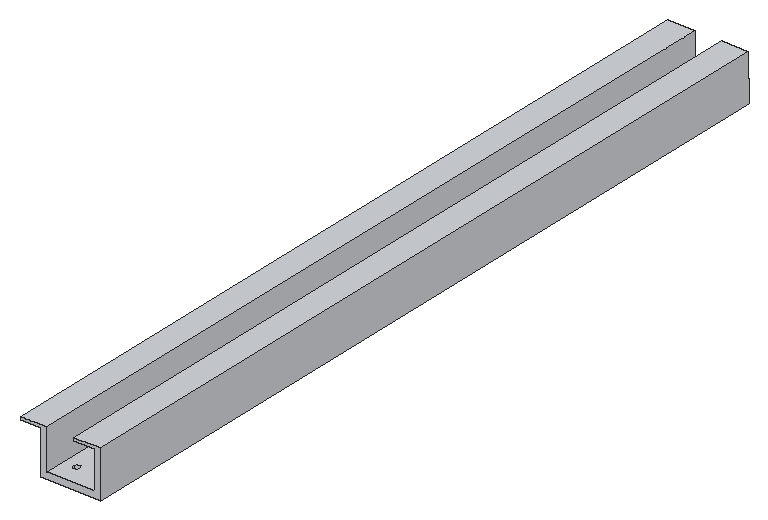
Revit family "GC - Corrente", category Generic Models, host Face, Revit 2018
Family settings
  Host = Face
  Can host rebar = No
  Round Connector Dimension = Use Diameter
  Part Type = Normal
  Cut with Voids When Loaded = No
  Shared = No
  Room Calculation Point = No
Parameters
  Default Elevation = 121.92 cm
  Corrente _ Spessore Piatto = 0.50 cm
  Corrente _ Spessore = 1.00 cm
  Corrente _ Raggio Fori = Corrente _ Diametro Fori / 2  # 0.50 cm
  Corrente _ Lunghezza = 120.00 cm
  Corrente _ Larghezza Piatto = 4.00 cm
  Corrente _ Larghezza = 7.00 cm
  Corrente _ Distanza Piatti = 8.00 cm
  Corrente _ Distanza Fori = 3.00 cm
  Corrente _ Diametro Fori = 1.00 cm
Reference planes (cm)
  plane 1 "Center (Front/Back)": y = 0
  plane 2: z = 0
  plane 3 "Center (Left/Right)": x = 0
  plane 4: z = 7
  plane 5: z = 6.5
  plane 6: x = -1
  plane 7: z = 1
  plane 8: x = -8
  plane 9: x = -9
  plane 10: x = -4
  plane 11: x = -12
  plane 12: y = -120
  plane 13: y = -60
  plane 14: x = -6
  plane 15: y = -57
  plane 16: y = -63
  plane 17: y = -3
  plane 18: y = -117
Forms (cm)
  Extrusion 1, solid
    sketch origin (0, 0, 0) x (1, 0, 0) y (0, 0, 1)
      loop
        line (0, 7) -> (-4, 7) -> (-4, 6.5) -> (-1, 6.5) -> (-1, 1) -> (-8, 1) -> (-8, 7) -> (-12, 7) -> (-12, 6.5) -> (-9, 6.5) -> (-9, 0) -> (0, 0) -> (0, 7)
    from 0 to 120
  Extrusion 2, void
    sketch origin (0, 0, 0) x (1, 0, 0) y (0, 1, 0)
      loop
        circle (-6, -63) r 0.5
      loop
        circle (-6, -117) r 0.5
      loop
        circle (-6, -3) r 0.5
    from -10.4188 to 25
Cuts and joins
  Extrusion 2 cuts Extrusion 1
Dimensions and locks (cm)
  "Corrente _ Spessore Piatto": plane 5 to plane 4
  "Corrente _ Spessore": plane 2 to plane 7
  "Corrente _ Spessore": plane 9 to plane 8
  "Corrente _ Spessore": plane 6 to plane 3 "Center (Left/Right)"
  "Corrente _ Larghezza Piatto": plane 3 "Center (Left/Right)" to plane 10
  "Corrente _ Larghezza Piatto": plane 11 to plane 8
  "Corrente _ Larghezza": plane 2 to plane 4
  "Corrente _ Distanza Piatti": plane 3 "Center (Left/Right)" to plane 8
  "Corrente _ Lunghezza": plane 1 "Center (Front/Back)" to plane 12
  equal spacing: plane 12, plane 13, plane 1 "Center (Front/Back)"
  equal spacing: plane 15, plane 13, plane 16
  "Corrente _ Distanza Fori": plane 13 to plane 16
  "Corrente _ Distanza Fori": plane 18 to plane 12
  "Corrente _ Distanza Fori": plane 1 "Center (Front/Back)" to plane 17
  "Corrente _ Raggio Fori": radius of Extrusion 2 sketch curve  (x2)
  aligned and locked: plane 2 to host face
  aligned and locked: level to host face
  aligned and locked: plane 4 to Extrusion 1  (x2)
  aligned and locked: plane 10 to Extrusion 1
  aligned and locked: plane 6 to Extrusion 1
  aligned and locked: plane 7 to Extrusion 1
  aligned and locked: Extrusion 1 to plane 8
  aligned and locked: plane 11 to Extrusion 1
  aligned and locked: Extrusion 1 to plane 5  (x2)
  aligned and locked: plane 9 to Extrusion 1
  aligned and locked: Extrusion 1 to plane 2
  aligned and locked: plane 3 "Center (Left/Right)" to Extrusion 1
  aligned and locked: Extrusion 1 to plane 12
Automatic sketch dimensions
  host sketch curve to host sketch curve = 243.84 cm  (x2)
  plane 11 to Extrusion 1 sketch curve = 0.00 cm
  plane 9 to Extrusion 1 sketch curve = 0.00 cm
  Extrusion 1 sketch curve to plane 8 = 0.00 cm
  plane 10 to Extrusion 1 sketch curve = 0.00 cm
  plane 6 to Extrusion 1 sketch curve = 0.00 cm
  Extrusion 1 sketch curve to level = 0.00 cm
  plane 7 to Extrusion 1 sketch curve = 0.00 cm
  Extrusion 1 sketch curve to plane 5 = 0.00 cm  (x2)
  plane 4 to Extrusion 1 sketch curve = 0.00 cm  (x2)
  plane 3 "Center (Left/Right)" to Extrusion 1 sketch curve = 0.00 cm
  Extrusion 2 sketch curve to plane 14 = 0.00 cm  (x3)
  Extrusion 2 sketch curve to plane 18 = 0.00 cm
  Extrusion 2 sketch curve to plane 16 = 0.00 cm
  Extrusion 2 sketch curve to plane 17 = 0.00 cm
  radius of Extrusion 2 sketch curve = 0.50 cm
